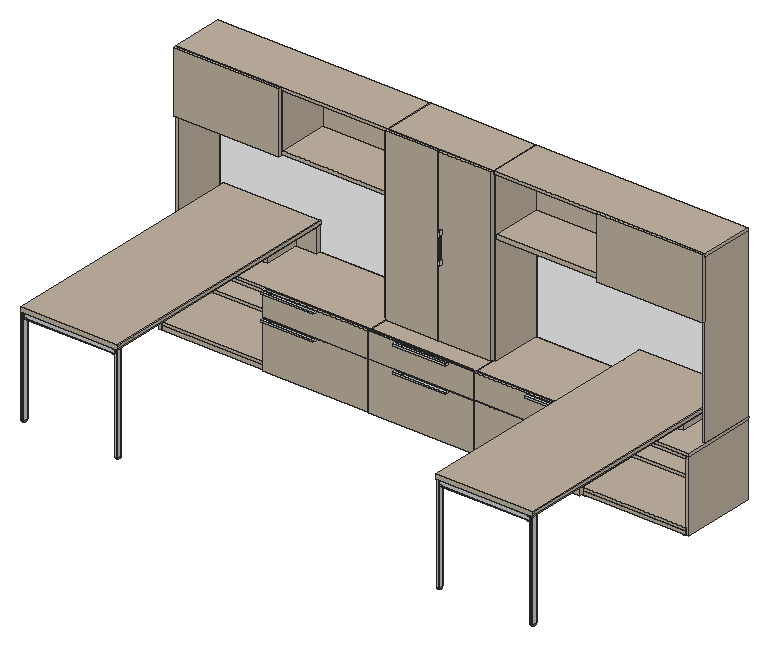
Revit family "FLT020", category Furniture, Revit 2015
Parameters
  Series = "Flux Laminate"
  Manufacturer = "JSI"
  Description = "FLT020"
Reference planes (in)
  plane 1 "Center Front/Back": y = 0
  plane 2: z = 0
  plane 3 "Center Left/Right": x = 0
Dimensions and locks (in)
  aligned and locked: level to plane 2
Nested families (in)
  nested 1: "JSI-Flux-Rec_Tbl_Desk-Leg_Asmbly-Sec_Sup" at (18.98949, -36.93913, 0.3125) x (0, -1, 0) z (0, 0, 1), type "FLT2872PDN, 72 x 28 Pen Tbl Desk Sec Sup, Laminate"
    with Width 6' - 0", Depth 2' - 3 1/2"
  nested 2: "JSI-Flux-Rec_Tbl_Desk-Leg_Asmbly-Sec_Sup" at (137.75853, -38.40308, 0.3125) x (0, -1, 0) z (0, 0, 1), type "FLT2872PDN, 72 x 28 Pen Tbl Desk Sec Sup, Laminate"
    with Width 6' - 0", Depth 2' - 3 1/2"
  nested 3: "JSI-Flux- 21H_File_Strg_Crdnz" at (36.09617, -10.75, 0), type "FLT2260-21F06, Lt File Opn Strg Crdnz, Laminate"
    with Width 5' - 0", R_Shocket Dist 1' - 0 1/32", R_Pull Dist 2' - 6 9/64", R1_Partition no, L_Socket Dist 1' - 0 1/32", Shelf Width 2' - 5 3/16", Partition Dist 2' - 4 7/16", L_Pull_Bottom no, L_Pull Dist 2' - 5 55/64", L_Pull no, L1_Partition no, F666 no, F06 yes, Ext_Shelf Width 2' - 5 15/16", Door Width 2' - 5 13/16", Door Dist 2' - 6 1/16", Door Array Dist 0' - 0", C_Pull_Bottom no, C_Pull Dist 2' - 6", C_Pull no, C_Doors no
  nested 4: "JSI-Flux- 21H_File_Strg_Crdnz" at (126.06413, -10.75, 0), type "FLT2260-21F60, Lt File Opn Strg Crdnz, Laminate"
    with Width 5' - 0", R_Shocket Dist 1' - 0 1/32", R_Pull_Bottom no, R_Pull Dist 2' - 6 9/64", R_Pull no, R2_Partition no, L_Socket Dist 1' - 0 1/32", Shelf Width 2' - 5 3/16", Shelf Dist. 2' - 6", Partition Dist 2' - 4 7/16", L_Pull Dist 2' - 5 55/64", L2_Partition no, F666 no, F60 yes, Ext_Shelf Width 2' - 5 15/16", Ext_Shelf yes, Door Width 2' - 5 13/16", Door Array Dist 0' - 0", C_Pull_Bottom no, C_Pull Dist 2' - 6", C_Pull no, C_Doors no
  nested 5: "JSI-Flux- 21H_File_Strg_Crdnz" at (96.06413, -10.75, 0), type "FLT2230-21F6, Lt File Pdst, Laminate"
    with Width 2' - 6", R_Shocket Dist 0' - 11 5/8", R_Pull_Bottom no, R_Pull Dist 0' - 0 13/64", R_Pull no, R2_Partition no, R1_Partition no, L_Socket Dist 0' - 11 5/8", Shelf Width 2' - 4 3/8", Partition Dist 2' - 3 5/8", L_Pull_Bottom no, L_Pull Dist 2' - 5 51/64", L_Pull no, L2_Partition no, L1_Partition no, Glide no, F666 no, F6 yes, F0 yes, Ext_Shelf Width 2' - 5 1/8", Door Width 2' - 5 3/4", Door Array Dist 0' - 0", C_Pull Dist 1' - 3", C_Doors no
  nested 6: "JSI-Flux-Sec_Ht_Strg_OH_Cab_Sldng_Dr" at (36.06413, -10.77445, -7.74595), type "FLT1660-48SD, Strg OH Cab, Sldng Dr, Laminate"
    with Width 4' - 11 7/8", Partition Distance_R 2' - 5 9/16", Partition Distance_L 2' - 5 9/16", Door Width 2' - 5 7/8", Door Array Dist 0' - 0", Door Adjust Width 1' - 2 7/8", Door Adjust 4
  nested 7: "JSI-Flux-Strg_Tower" at (96.06413, -10.75, -7.74642), type "FLT1630-48STD, 48"h Strg Tower, 2 Dr, Laminate"
    with WB_Shelf_Height 0' - 11 13/16", WB_Shelf_Dist 0' - 8 1/8", Top Width 2' - 5 7/8", Width 2' - 5 7/8", Shelf Width 2' - 4 3/8", Shelf Dist 0' - 11 13/16", Shelf Array Dist 0' - 11 13/16", Pull Height 2' - 0", Pull Distance 1' - 3 35/64", Part_R_Dist 2' - 5 1/8", L no, Height 4' - 0", Door Width 1' - 2 7/8", Door Array Dist 1' - 3", Back Width 2' - 4 3/8"
  nested 8: "JSI-Flux-Tckbrd_for_OH_Cab" at (36.56413, -10, -7.67512), type "FLB5930TK, Tackboard for OH Cab"
    with Width 4' - 11"
  nested 9: "JSI-Flux-Tckbrd_for_OH_Cab" at (113.43058, -10, -7.74184) x (-1, 0, 0) z (0, 0, 1), type "FLB5930TK, Tackboard for OH Cab"
    with Width 4' - 11"
  nested 10: "JSI-Flux-Sec_Ht_Strg_OH_Cab_Sldng_Dr" at (113.68587, -10.77445, -7.74595) x (-1, 0, 0) z (0, 0, 1), type "FLT1660-48SD, Strg OH Cab, Sldng Dr, Laminate"
    with Width 4' - 11 7/8", Partition Distance_R 2' - 5 9/16", Partition Distance_L 2' - 5 9/16", Door Width 2' - 5 7/8", Door Array Dist 0' - 0", Door Adjust Width 1' - 2 7/8", Door Adjust 4
Definition of nested family "JSI-Flux-Rec_Tbl_Desk-Leg_Asmbly-Sec_Sup"
  Parameters (values of type "Type Catalog Family -Table Desk Leg Asmbly - Sec Supp")
    Worksurface = none
    Width = 5' - 0"
    URL = "www.jsifurniture.com"
    Type Comments = ""
    Series = "FLUX"  # constant formula
    Sec Support Dst = 1' - 9"
    Model = "FLT3466PDN"
    Material = ""
    Manufacturer = "JSI"  # constant formula
    Keynote = "12500"
    JSI Enviromental Website = "http://www.jsifurniture.com/jsi_sustainability_intro.php"
    Height = 2' - 5"
    Glides = none
    Frame = none
    Description = "66 X 34 Rectangular Peninsula Table Desk with End Leg Assembly and Seccondary Support End"
    Depth = 2' - 9 1/2"
    Chassis = none
    Assembly Code = "E2020200"
  Reference planes (in)
    plane 1: z = 0
    plane 2 "Center (Left/Right)": x = -36.06413
    plane 3: z = 29
    plane 4: z = 27.8125
    plane 5 "Center (Front/Back)": y = 10.75
    plane 6: z = 0.3125
    plane 7: y = -22.75
    plane 8: x = 23.93587
    plane 9: z = 21
  Forms (in)
    Extrusion 1, solid, material <- "Chassis"
      sketch origin (84, 10.625, 0.3125) x (0, 1, 0) y (-1, 0, 0)
        loop
          line (0, 118.75163) -> (0, 119.93913) -> (-33.25, 119.93913) -> (-33.25, 118.75163) -> (-27.4375, 118.75163) -> (-27.4375, 108.75163) -> (-26.25, 108.75163) -> (-26.25, 118.75163) -> (-7, 118.75163) -> (-7, 108.75163) -> (-5.8125, 108.75163) -> (-5.8125, 118.75163) -> (0, 118.75163)
      from 20.6875 to 27.5
    Extrusion 2, solid, material <- "Frame"
      sketch origin (84, 10.625, 0.3125) x (0, 1, 0) y (-1, 0, 0)
        loop
          line (0, 60.25163) -> (0, 61.50163)
          arc (0, 61.50163) -> (-0.03661, 61.59002) -> (-0.125, 61.62663) r 0.125
          line (-0.125, 61.62663) -> (-0.625, 61.62663)
          arc (-0.625, 61.62663) -> (-0.71339, 61.59002) -> (-0.75, 61.50163) r 0.125
          line (-0.75, 61.50163) -> (-0.75, 60.25163)
          arc (-0.75, 60.25163) -> (-0.71339, 60.16325) -> (-0.625, 60.12663) r 0.125
          line (-0.625, 60.12663) -> (-0.125, 60.12663)
          arc (-0.125, 60.12663) -> (-0.03661, 60.16325) -> (0, 60.25163) r 0.125
        loop
          line (-32.5, 60.25163) -> (-32.5, 61.50163)
          arc (-32.5, 61.50163) -> (-32.53661, 61.59002) -> (-32.625, 61.62663) r 0.125
          line (-32.625, 61.62663) -> (-33.125, 61.62663)
          arc (-33.125, 61.62663) -> (-33.21339, 61.59002) -> (-33.25, 61.50163) r 0.125
          line (-33.25, 61.50163) -> (-33.25, 60.25163)
          arc (-33.25, 60.25163) -> (-33.21339, 60.16325) -> (-33.125, 60.12663) r 0.125
          line (-33.125, 60.12663) -> (-32.625, 60.12663)
          arc (-32.625, 60.12663) -> (-32.53661, 60.16325) -> (-32.5, 60.25163) r 0.125
      from 0 to 27.5
    Extrusion 3, solid, material <- "Worksurface"
      sketch origin (0, 0, 0) x (0, 1, 0) y (0, 0, 1)
        loop
          arc (10.625, 27.8125) -> (10.71339, 27.84911) -> (10.75, 27.9375) r 0.125
          line (10.75, 27.9375) -> (10.75, 28.875)
          arc (10.75, 28.875) -> (10.71339, 28.96339) -> (10.625, 29) r 0.125
          line (10.625, 29) -> (-22.625, 29)
          arc (-22.625, 29) -> (-22.71339, 28.96339) -> (-22.75, 28.875) r 0.125
          line (-22.75, 28.875) -> (-22.75, 27.9375)
          arc (-22.75, 27.9375) -> (-22.71339, 27.84911) -> (-22.625, 27.8125) r 0.125
          line (-22.625, 27.8125) -> (10.625, 27.8125)
      from -36.06413 to 23.93587
    Extrusion 4, solid, material <- "Frame"
      sketch origin (0, 0, 0) x (1, 0, 0) y (0, 0, 1)
        loop
          arc (23.24837, 27.8125) -> (23.15998, 27.77589) -> (23.12337, 27.6875) r 0.125
          line (23.12337, 27.6875) -> (23.12337, 26.4375)
          arc (23.12337, 26.4375) -> (23.15998, 26.34911) -> (23.24837, 26.3125) r 0.125
          line (23.24837, 26.3125) -> (23.74837, 26.3125)
          arc (23.74837, 26.3125) -> (23.83675, 26.34911) -> (23.87337, 26.4375) r 0.125
          line (23.87337, 26.4375) -> (23.87337, 27.6875)
          arc (23.87337, 27.6875) -> (23.83675, 27.77589) -> (23.74837, 27.8125) r 0.125
          line (23.74837, 27.8125) -> (23.24837, 27.8125)
      from -9.875 to 21.875
    Extrusion 5, solid, material <- "Glides"
      sketch origin (59, 0, 0) x (1, 0, 0) y (0, 1, 0)
        loop
          circle (-35.85735, 10.25072) r 0.55846
        loop
          circle (-35.85735, -22.25072) r 0.55846
      from 0 to 0.3125
  Lines and regions (in)
    symbolic lines
      curve 1: line (-36.06413, -22.75, 0) -> (23.93587, -22.75, 0)
      curve 2: line (-36.06413, 10.75, 0) -> (-36.06413, -22.75, 0)
      curve 3: line (23.93587, 10.75, 0) -> (-36.06413, 10.75, 0)
      curve 4: line (23.93587, -22.75, 0) -> (23.93587, 10.75, 0)
    symbolic lines, detail levels medium+fine
      curve 5: line (-35.93913, 10.625, 0) -> (-35.93913, -22.625, 0)
      curve 6: line (-34.75163, 10.625, 0) -> (-35.93913, 10.625, 0)
      curve 7: line (-34.75163, 4.8125, 0) -> (-34.75163, 10.625, 0)
      curve 8: line (-24.75163, 4.8125, 0) -> (-34.75163, 4.8125, 0)
      curve 9: line (-24.75163, 3.625, 0) -> (-24.75163, 4.8125, 0)
      curve 10: line (-34.75163, 3.625, 0) -> (-24.75163, 3.625, 0)
      curve 11: line (-34.75163, -15.625, 0) -> (-34.75163, 3.625, 0)
      curve 12: line (-24.75163, -15.625, 0) -> (-34.75163, -15.625, 0)
      curve 13: line (-24.75163, -16.8125, 0) -> (-24.75163, -15.625, 0)
      curve 14: line (-34.75163, -16.8125, 0) -> (-24.75163, -16.8125, 0)
      curve 15: line (-34.75163, -22.625, 0) -> (-34.75163, -16.8125, 0)
      curve 16: line (-35.93913, -22.625, 0) -> (-34.75163, -22.625, 0)
      curve 17: line (23.87337, 10.625, 0) -> (22.37337, 10.625, 0)
      curve 18: line (22.37337, 9.875, 0) -> (23.87337, 9.875, 0)
      curve 19: line (23.87337, 9.875, 0) -> (23.87337, 10.625, 0)
      curve 20: line (22.37337, 10.625, 0) -> (22.37337, 9.875, 0)
      curve 21: line (22.37337, -22.625, 0) -> (23.87337, -22.625, 0)
      curve 22: line (23.87337, -21.875, 0) -> (22.37337, -21.875, 0)
      curve 23: line (22.37337, -21.875, 0) -> (22.37337, -22.625, 0)
      curve 24: line (23.87337, -22.625, 0) -> (23.87337, -21.875, 0)
  Dimensions and locks (in)
    locked: plane 6 to level at 0.3125
    "Depth": plane 7 to plane 5 "Center (Front/Back)"
    locked: plane 3 to plane 4 at 1.1875
    plane 3 to level = 2' - 5"
    "Width": plane 2 "Center (Left/Right)" to plane 8
    Extrusion 2 sketch curve to Extrusion 2 sketch curve to plane 8 = 0' - 1 1/2" locked, 0' - 0 1/16" locked  (x2)
    Extrusion 2 sketch curve to Extrusion 2 sketch curve to plane 5 "Center (Front/Back)" = 0' - 0 3/4" locked, 0' - 0 1/8" locked
    Extrusion 2 sketch curve to Extrusion 2 sketch curve to plane 7 = 0' - 0 3/4" locked, 0' - 0 1/8" locked
    plane 2 "Center (Left/Right)" to Extrusion 1 sketch curve to Extrusion 1 sketch curve to Extrusion 1 sketch curve = 0' - 0 1/8" locked, 0' - 1 3/16" locked, 0' - 10" locked
    locked: Extrusion 1 sketch curve to plane 5 "Center (Front/Back)" at 0.125
    locked: plane 7 to Extrusion 1 sketch curve at 0.125
    plane 8 to Extrusion 4 sketch curve to Extrusion 4 sketch curve = 0' - 0 1/16" locked, 0' - 0 3/4" locked
    locked: plane 4 to Extrusion 4 sketch curve at 1.5
    locked: Extrusion 5 sketch curve to plane 8 at 0.79322  (x2)
    locked: Extrusion 5 sketch curve to plane 5 "Center (Front/Back)" at 0.49928
    locked: plane 7 to Extrusion 5 sketch curve at 0.49928
    "Sec Support Dst": plane 9 to plane 1
    aligned and locked: level to plane 1
    aligned and locked: plane 4 to Extrusion 1
    aligned and locked: plane 4 to Extrusion 2
    aligned and locked: Extrusion 2 to plane 6
    aligned and locked: Extrusion 3 sketch curve to plane 5 "Center (Front/Back)"
    aligned and locked: plane 3 to Extrusion 3 sketch curve
    aligned and locked: Extrusion 3 sketch curve to plane 4
    aligned and locked: plane 7 to Extrusion 3 sketch curve
    aligned and locked: Extrusion 3 to plane 2 "Center (Left/Right)"
    aligned and locked: plane 8 to Extrusion 3
    aligned and locked: Extrusion 1 sketch curve to Extrusion 1 sketch curve  (x3)
    aligned and locked: Extrusion 4 sketch curve to plane 4
    aligned and locked: Extrusion 4 to Extrusion 2  (x2)
    aligned and locked: curve 2 to plane 2 "Center (Left/Right)"
    aligned and locked: plane 8 to curve 4
    aligned and locked: curve 3 to plane 5 "Center (Front/Back)"
    aligned and locked: plane 7 to curve 1
    aligned and locked: curve 5 to Extrusion 1
    aligned and locked: curve 6 to Extrusion 1
    aligned and locked: curve 7 to Extrusion 1
    aligned and locked: curve 8 to Extrusion 1
    aligned and locked: curve 9 to Extrusion 1
    aligned and locked: curve 10 to Extrusion 1
    aligned and locked: curve 11 to Extrusion 1
    aligned and locked: curve 12 to Extrusion 1
    aligned and locked: curve 13 to Extrusion 1
    aligned and locked: curve 14 to Extrusion 1
    aligned and locked: curve 15 to Extrusion 1
    aligned and locked: curve 16 to Extrusion 1
    aligned and locked: curve 17 to Extrusion 2
    aligned and locked: curve 18 to Extrusion 2
    aligned and locked: curve 19 to Extrusion 2
    aligned and locked: curve 20 to Extrusion 2
    aligned and locked: curve 21 to Extrusion 2
    aligned and locked: curve 22 to Extrusion 2
    aligned and locked: curve 23 to Extrusion 2
    aligned and locked: curve 24 to Extrusion 2
    aligned and locked: Extrusion 1 to plane 9
  Automatic sketch dimensions
    Extrusion 1 sketch curve to plane 7 = 0' - 5 15/16"
    Extrusion 1 sketch curve to Extrusion 1 sketch curve = 0' - 1 3/16"  (x2)
    plane 5 "Center (Front/Back)" to Extrusion 1 sketch curve = 0' - 7 1/8"
    Extrusion 2 sketch curve to Extrusion 2 sketch curve = 0' - 0 1/8"  (x8)
    Extrusion 3 sketch curve to Extrusion 3 sketch curve = 0' - 0 1/8"  (x3)
    plane 4 to Extrusion 3 sketch curve = 0' - 0 1/8"
    Extrusion 4 sketch curve to Extrusion 4 sketch curve = 0' - 0 1/8"  (x4)
    radius of Extrusion 5 sketch curve = 0' - 0.55846"  (x2)
Definition of nested family "JSI-Flux- 21H_File_Strg_Crdnz"
  Parameters (values of type "Type Catalog - File Strg Crdnz")
    Worksurface = none
    Width = 8' - 0"
    URL = "www.jsifurniture.com"
    Type Comments = ""
    Top Doors = if(F909, 1 > 2, (if(F090, 1 > 2, (if(F09, 1 > 2, (if(F0, (if(F6, 2 > 1, 1 > 2)), 2 > 1)))))))  # yes
    TAG = if(F6, "BF", (if(F666, "BF - BF - BF", (if(F66, (if(F0, "Open", "BF - BF")), (if(F066, "Open - BF - BF", (if(F660, "BF - BF - Open", (if(F06, "Open - BF", (if(F60, "BF - Open", (if(F606, "BF - Open - BF", (if(F060, (if(F0, "Open", "Open - BF - Open")), (if(F909, "1 Door - Open - 1 Door", (if(F090, "Open - 1 Door - Open", (if(F09, (if(F0, "Open", "Open - 1 Door")), "Open")))))))))))))))))))))))  # "BF - BF - BF"
    R_Shocket Dist = if(F666, Width + 0' 1", (if(F066, Width + 0' 1", (if(F606, ((Width / 2) - 0' 3"), ((Partition Dist / 2) + 0' 0 13/16" - 0' 3"))))))  # 8' - 1"
    R_Pull_Bottom = if(F660, 1 > 2, (if(F60, 1 > 2, (if(F060, 1 > 2, (if(F909, 1 > 2, (if(F090, 1 > 2, (if(F09, 1 > 2, (if(F0, 1 > 2, 2 > 1)))))))))))))  # yes
    R_Pull Dist = if(F66, (Door Width + 0' 0 1/4" + 0' 0 5/64"), (if(F06, (Door Width + 0' 0 1/4" + 0' 0 5/64"), (Door Width + (Width - ((Door Width + 0' 0 1/8") * 2) + 0' 0 13/64")))))  # 5' - 3.61979"
    R_Pull = if(F660, 1 > 2, (if(F60, 1 > 2, (if(F060, 1 > 2, (if(F090, 1 > 2, (if(F0, 1 > 2, 2 > 1)))))))))  # yes
    R2_Partition = if(F660, 1 > 2, (if(F60, 1 > 2, (if(F09, 1 > 2, (if(Width < 3' 4", 1 > 2, 2 > 1)))))))  # yes
    R1_Partition = if(F06, 1 > 2, (if(F606, 1 > 2, (if(F060, 1 > 2, (if(F909, 1 > 2, (if(F090, 1 > 2, (if(Width < 3' 4", 1 > 2, 2 > 1)))))))))))  # yes
    L_Socket Dist = if(F666, Width + 0' 1", (if(F660, Width + 0' 1", (if(F606, ((Width / 2) - 0' 3"), ((Partition Dist / 2) + 0' 0 13/16" - 0' 3"))))))  # 8' - 1"
    Shelf Width = if(Width < 3' 6", Partition Dist + 0' 0 3/4", (if(F066, Partition Dist + 0' 0 3/4", (if(F660, Partition Dist + 0' 0 3/4", (if(F06, Partition Dist + 0' 0 3/4", (if(F60, Partition Dist + 0' 0 3/4", Partition Dist)))))))))  # 2' - 6.95833"
    Shelf Dist. = if(F660, ((Partition Dist * 2) + 0' 0 3/4" + 0' 0 13/16"), (if(F60, (Partition Dist + 0' 0 3/4" + 0' 0 13/16"), (if(F606, (Partition Dist + 0' 0 3/4" + 0' 0 13/16"), 0' 0 13/16")))))  # 0' - 0 13/16"
    Shelf Array Dist = if(F060, (if(F0, (if(Width > 3' 0", Shelf Width + 0' 0 3/4", 0' 0")), ((Shelf Width * 2) + 0' 1 1/2"))), (if(F909, Shelf Width + 0' 0 3/4", (if(F090, Shelf Width + 0' 0 3/4", 0' 0")))))  # 0' - 0"
    Partition Dist = if(Width > 6' 6", ((Width - 0' 1 5/8" - 0' 1 1/2") / 3), (if(Width > 3' 0", (((Width - 0' 1 5/8") / 2) - 0' 0 3/4"), (Width - 0' 0 3/4" - 0' 1 5/8"))))  # 2' - 6.95833"
    Shelf = none
    Series = "FLUX"  # constant formula
    Pull Finish = none
    Model = ""
    Manufacturer = "JSI"  # constant formula
    L_Pull_Bottom = if(F066, 1 > 2, (if(F06, 1 > 2, (if(F060, 1 > 2, (if(F909, 1 > 2, (if(F090, 1 > 2, (if(F09, 1 > 2, (if(F0, 1 > 2, 2 > 1)))))))))))))  # yes
    L_Pull Dist = Door Width + 0' 0 1/8" - 0' 0 5/64"  # 2' - 8.38021"
    L_Pull = if(F066, 1 > 2, (if(F06, 1 > 2, (if(F060, 1 > 2, (if(F090, 1 > 2, (if(F09, 1 > 2, (if(F0, 1 > 2, 2 > 1)))))))))))  # yes
    L2_Partition = if(F60, 1 > 2, (if(F606, 1 > 2, (if(F060, 1 > 2, (if(F909, 1 > 2, (if(F090, 1 > 2, (if(F09, 1 > 2, (if(Width < 3' 4", 1 > 2, 2 > 1)))))))))))))  # yes
    L1_Partition = if(F066, 1 > 2, (if(F06, 1 > 2, (if(Width < 3' 4", 1 > 2, 2 > 1)))))  # yes
    Keynote = "12500"
    JSI Enviromental Website = "http://www.jsifurniture.com/jsi_sustainability_intro.php"
    Height = 1' - 9 1/4"
    Glides = none
    Glide = if(Width > 3' 0", 2 > 1, 1 > 2)  # yes
    F909 = no
    F666 = yes
    F660 = no
    F66 = no
    F606 = no
    F60 = no
    F6 = no
    F090 = no
    F09 = no
    F066 = no
    F060 = no
    F06 = no
    F0 = no
    Ext_Shelf Width = Shelf Width + 0' 0 3/4"  # 2' - 7.70833"
    Ext_Shelf = if(F09, 2 > 1, (if(F60, 2 > 1, 1 > 2)))  # no
    Door Width = if(F09, Partition Dist + 0' 1 3/8" + 0' 0 3/4", (if(Width < 3' 6", (Width - 0' 0 1/4"), Partition Dist + 0' 1 3/8")))  # 2' - 8.33333"
    Door Height = if(F909, (Height - 0' 0 7/16" - 0' 0 1/8"), (if(F090, (Height - 0' 0 7/16" - 0' 0 1/8"), if(F09, (Height - 0' 0 7/16" - 0' 0 1/8"), 1' 1 9/16"))))  # 1' - 1 9/16"
    Door Dist = if(F066, ((Partition Dist * 2) + 0' 1 5/8"), (if(F06, (Partition Dist + 0' 1 5/8"), (if(F060, (Partition Dist + 0' 0 7/8"), (if(F090, (Partition Dist + 0' 0 7/8"), (if(F09, (Partition Dist + 0' 0 7/8"), 0' 0 1/8")))))))))  # 0' - 0 1/8"
    Door Array Dist = if(F606, (Door Width + Partition Dist + 0' 0 1/8"), (if(F909, (Door Width + Partition Dist + 0' 0 1/8"), (if(F666, (Door Width + Partition Dist + 0' 0 1/8"), (if(F66, (Door Width + 0' 0 1/8"), 0' 0")))))))  # 5' - 3.41667"
    Door = if(F0, (if(F6, 2 > 1, 1 > 2)), 2 > 1)  # yes
    C_Pull_Bottom = if(F666, 2 > 1, (if(F066, 2 > 1, (if(F660, 2 > 1, (if(F6, 2 > 1, (if(F060, (if(F0, 1 > 2, 2 > 1)), 1 > 2)))))))))  # yes
    C_Pull Dist = if(F066, Door Width + 0' 0 1/8" + 0' 7 55/128" + 0' 0 13/64", (if(F660, (Door Width + (Width - ((Door Width + 0' 0 1/8") * 2) - 0' 0 5/64" - 0' 7 55/128")), Width / 2)))  # 4' - 0"
    C_Pull = if(F666, 2 > 1, (if(F066, 2 > 1, (if(F660, 2 > 1, (if(F6, 2 > 1, (if(F090, 2 > 1, (if(F060, (if(F0, 1 > 2, 2 > 1)), 1 > 2)))))))))))  # yes
    C_Doors = if(F666, 2 > 1, (if(F066, 2 > 1, (if(F660, 2 > 1, 1 > 2)))))  # yes
    Back Panel = none
    Door Front = none
    Description = ""
    Depth = 1' - 10"
    Chassis = none
    Assembly Code = "E2020200"
    # of Shelf = if(F909, 3, (if(F090, 3, (if(F0, (if(Width > 6' 6", 3, 2)), 2)))))  # 2
    # of Doors = 2
  Reference planes (in)
    plane 1: z = 0
    plane 2 "Center (Left/Right)": x = -36.06413
    plane 3 "Center (Front/Back)": y = 10.75
    plane 4: x = 59.93587
    plane 5: x = -36.00163
    plane 6: y = 10.6875
    plane 7: x = 59.87337
    plane 8: x = 11.93587
    plane 9: y = 10.625
    plane 10: y = -11.25
    plane 11: y = -11.125
    plane 12: y = -10.375
    plane 13: y = 9.875
    plane 14: y = 8.6875
    plane 15: y = 6.5
    plane 16: y = 6
    plane 17: y = 5.875
    plane 18: y = -6.375
    plane 19: y = -8.125
    plane 20: z = 0.3125
    plane 21: z = 1.5
    plane 22: z = 2.25
    plane 23: z = 21.25
    plane 24: z = 20.5
    plane 25: z = 19.75
    plane 26: z = 17.75
    plane 27: z = 13.625
    plane 28: z = 14
    plane 29: z = 13.25
    plane 30: x = -4.2933
    plane 31: x = 28.16503
    plane 32: x = -3.5433
    plane 33: x = 27.41503
    plane 34: x = -35.25163
    plane 35: x = 59.12337
    plane 36: x = 9.93587
    plane 37: x = 13.93587
    plane 38: y = 8.4375
    plane 39: z = 16.125
    plane 40: x = 60.93587
    plane 41: x = 66.93587
    plane 42: x = 8.93587
    plane 43: x = 14.93587
    plane 44: y = 9.375
    plane 45: y = 6.875
    plane 46: z = 21.125
    plane 47: z = 0.4375
    plane 48: z = 14
    plane 49: x = -35.93913
    plane 50: x = 59.81087
    plane 51: x = -2.7933
    plane 52: x = 26.66503
    plane 53: x = -3.6058
    plane 54: x = -3.4808
    plane 55: x = 27.35253
    plane 56: x = 27.47753
    plane 57: x = -3.25163
    plane 58: x = 27.7067
    plane 59: x = 61.93587
    plane 60: x = 65.93587
    plane 61: x = -43.06413
    plane 62: x = -37.06413
    plane 63: x = -42.06413
    plane 64: x = -38.06413
    plane 65: x = -34.93913
    plane 66: x = 58.12337
    plane 67: y = -9.375
    plane 68: z = 20.92187
    plane 69: z = 13.79688
    plane 70: x = -3.68393
    plane 71: x = 11.93587
    plane 72: x = 27.55566
    plane 73: x = 11.93587
    plane 74: y = 0.15625
    plane 75: x = 11.93587
    plane 76: z = 0.3125
    plane 77: z = 14.125
    plane 78: x = -34.25163
  Forms (in)
    Extrusion 1, solid, material <- "Chassis"
      sketch origin (0, 0, 0) x (1, 0, 0) y (0, 1, 0)
        loop
          line (-36.00163, 10.6875) -> (-36.00163, -10.375) -> (-35.25163, -10.375) -> (-35.25163, 10.6875) -> (-36.00163, 10.6875)
      from 0.3125 to 20.5
    Extrusion 2, solid, material <- "Chassis"
      sketch origin (0, 0, 0) x (1, 0, 0) y (0, 1, 0)
        loop
          line (59.12337, 10.6875) -> (59.12337, -10.375) -> (59.87337, -10.375) -> (59.87337, 10.6875) -> (59.12337, 10.6875)
      from 0.3125 to 20.5
    Extrusion 3, solid, material <- "Worksurface"
      sketch origin (0, 0, 0) x (0, 1, 0) y (0, 0, 1)
        loop
          line (6, 19.75) -> (6, 20.5) -> (-10.375, 20.5) -> (-10.375, 19.75) -> (6, 19.75)
      from -35.25163 to 59.12337
    Extrusion 4, solid, material <- "Chassis"
      sketch origin (0, 0, 0) x (0, 1, 0) y (0, 0, 1)
        loop
          line (9.875, 2.25) -> (-10.375, 2.25) -> (-10.375, 1.5) -> (9.875, 1.5) -> (9.875, 2.25)
      from -35.25163 to 59.12337
    Extrusion 5, solid, material <- "Chassis", visible <- "L1_Partition"
      sketch origin (0, 0, 0) x (0, 1, 0) y (0, 0, 1)
        loop
          line (6.5, 19.75) -> (-10.375, 19.75) -> (-10.375, 2.25) -> (9.875, 2.25) -> (9.875, 17.75) -> (7, 17.75)
          arc (7, 17.75) -> (6.64645, 17.89645) -> (6.5, 18.25) r 0.5
          line (6.5, 18.25) -> (6.5, 19.75)
      from -4.2933 to -3.5433
    Extrusion 6, solid, material <- "Chassis", visible <- "R2_Partition"
      sketch origin (0, 0, 0) x (0, 1, 0) y (0, 0, 1)
        loop
          line (6.5, 19.75) -> (-10.375, 19.75) -> (-10.375, 2.25) -> (9.875, 2.25) -> (9.875, 17.75) -> (7, 17.75)
          arc (7, 17.75) -> (6.64645, 17.89645) -> (6.5, 18.25) r 0.5
          line (6.5, 18.25) -> (6.5, 19.75)
      from 27.41503 to 28.16503
    Extrusion 7, solid, material <- "Back Panel"
      sketch origin (0, 0, 0) x (0, 1, 0) y (0, 0, 1)
        loop
          line (8.6875, 20.5) -> (8.6875, 17.75) -> (9.875, 17.75) -> (9.875, 20.5) -> (8.6875, 20.5)
      from -35.25163 to 59.12337
    Extrusion 8, solid, material <- "Chassis"
      sketch origin (0, 0, 0) x (0, 1, 0) y (0, 0, 1)
        loop
          line (9.875, 1.5) -> (5.875, 1.5) -> (5.875, 0.3125) -> (9.875, 0.3125) -> (9.875, 1.5)
      from -35.25163 to 59.12337
    Extrusion 9, solid, material <- "Chassis"
      sketch origin (0, 0, 0) x (0, 1, 0) y (0, 0, 1)
        loop
          line (-6.375, 1.5) -> (-10.375, 1.5) -> (-10.375, 0.3125) -> (-6.375, 0.3125) -> (-6.375, 1.5)
      from -35.25163 to 59.12337
    Extrusion 10, solid, material <- "Shelf"
      sketch origin (-32, 0, -1.03125) x (1, 0, 0) y (0, 1, 0)
        loop
          line (27.7067, -8.125) -> (27.7067, 9.875) -> (-3.25163, 9.875) -> (-3.25163, -8.125) -> (27.7067, -8.125)
      from 14.28125 to 15.03125
    Extrusion 11, solid, material <- "Back Panel"
      sketch origin (0, 0, 0) x (1, 0, 0) y (0, 1, 0)
        loop
          line (59.12337, 10.625) -> (-35.25163, 10.625) -> (-35.25163, 9.875) -> (59.12337, 9.875) -> (59.12337, 10.625)
      from 0.3125 to 20.5
    Extrusion 12, solid, material <- "Chassis", visible <- "L2_Partition"
      sketch origin (0, 0, 0) x (0, 1, 0) y (0, 0, 1)
        loop
          line (6.5, 19.75) -> (-10.375, 19.75) -> (-10.375, 2.25) -> (9.875, 2.25) -> (9.875, 17.75) -> (7, 17.75)
          arc (7, 17.75) -> (6.64645, 17.89645) -> (6.5, 18.25) r 0.5
          line (6.5, 18.25) -> (6.5, 19.75)
      from -3.5433 to -2.7933
    Extrusion 13, solid, material <- "Chassis", visible <- "R1_Partition"
      sketch origin (0, 0, 0) x (0, 1, 0) y (0, 0, 1)
        loop
          line (6.5, 19.75) -> (-10.375, 19.75) -> (-10.375, 2.25) -> (9.875, 2.25) -> (9.875, 17.75) -> (7, 17.75)
          arc (7, 17.75) -> (6.64645, 17.89645) -> (6.5, 18.25) r 0.5
          line (6.5, 18.25) -> (6.5, 19.75)
      from 26.66503 to 27.41503
    Extrusion 14, void
      sketch origin (-1.5, 0, 0) x (1, 0, 0) y (0, 0, 1)
        loop
          line (62.43587, 15.125) -> (62.43587, 14.625)
          arc (62.43587, 14.625) -> (62.72876, 13.91789) -> (63.43587, 13.625) r 1
          line (63.43587, 13.625) -> (67.43587, 13.625)
          arc (67.43587, 13.625) -> (68.14297, 13.91789) -> (68.43587, 14.625) r 1
          line (68.43587, 14.625) -> (68.43587, 15.125)
          arc (68.43587, 15.125) -> (68.14297, 15.83211) -> (67.43587, 16.125) r 1
          line (67.43587, 16.125) -> (63.43587, 16.125)
          arc (63.43587, 16.125) -> (62.72876, 15.83211) -> (62.43587, 15.125) r 1
      from -10.75 to -9.875
    Extrusion 15, solid, material <- "Shelf"
      sketch origin (-32, 0, -1.03125) x (1, 0, 0) y (0, 1, 0)
        loop
          line (27.7067, -8.125) -> (27.7067, 9.875) -> (-3.25163, 9.875) -> (-3.25163, -8.125) -> (27.7067, -8.125)
      from 14.28125 to 15.03125
    Extrusion 16, void
      sketch origin (0, 0, 0) x (1, 0, 0) y (0, 1, 0)
        loop
          line (65.93587, 10.75) -> (61.93587, 10.75) -> (61.93587, 9.875)
          arc (61.93587, 9.875) -> (62.08231, 9.52145) -> (62.43587, 9.375) r 0.5
          line (62.43587, 9.375) -> (65.43587, 9.375)
          arc (65.43587, 9.375) -> (65.78942, 9.52145) -> (65.93587, 9.875) r 0.5
          line (65.93587, 9.875) -> (65.93587, 10.75)
      from 13.25 to 14
    Extrusion 17, void
      sketch origin (18, 0, 0) x (1, 0, 0) y (0, 1, 0)
        loop
          line (-56.06413, 10.75) -> (-60.06413, 10.75) -> (-60.06413, 9.875)
          arc (-60.06413, 9.875) -> (-59.91769, 9.52145) -> (-59.56413, 9.375) r 0.5
          line (-59.56413, 9.375) -> (-56.56413, 9.375)
          arc (-56.56413, 9.375) -> (-56.21058, 9.52145) -> (-56.06413, 9.875) r 0.5
          line (-56.06413, 9.875) -> (-56.06413, 10.75)
      from 13.25 to 14
    Extrusion 18, void
      sketch origin (0, 0, 0) x (1, 0, 0) y (0, 0, 1)
        loop
          arc (-42.06413, 16.125) -> (-42.77124, 15.83211) -> (-43.06413, 15.125) r 1
          line (-43.06413, 15.125) -> (-43.06413, 14.625)
          arc (-43.06413, 14.625) -> (-42.77124, 13.91789) -> (-42.06413, 13.625) r 1
          line (-42.06413, 13.625) -> (-38.06413, 13.625)
          arc (-38.06413, 13.625) -> (-37.35703, 13.91789) -> (-37.06413, 14.625) r 1
          line (-37.06413, 14.625) -> (-37.06413, 15.125)
          arc (-37.06413, 15.125) -> (-37.35703, 15.83211) -> (-38.06413, 16.125) r 1
          line (-38.06413, 16.125) -> (-42.06413, 16.125)
      from -10.75 to -9.875
    Extrusion 19, solid, material <- "Door Front", visible <- "C_Doors"
      sketch origin (0, 0, 0) x (1, 0, 0) y (0, 1, 0)
        loop
          line (-3.4808, -10.375) -> (-3.4808, -11.125) -> (27.35253, -11.125) -> (27.35253, -10.375) -> (-3.4808, -10.375)
      from 0.4375 to 14
    Extrusion 20, solid, material <- "Door Front", visible <- "C_Doors"
      sketch origin (0, 0, 0) x (1, 0, 0) y (0, 1, 0)
        loop
          line (-3.4808, -10.375) -> (-3.4808, -11.125) -> (27.35253, -11.125) -> (27.35253, -10.375) -> (-3.4808, -10.375)
      from 14.125 to 21.125
    Extrusion 21, solid, material <- "Door Front", visible <- "Door"
      sketch origin (0, 0, 0) x (1, 0, 0) y (0, 0, 1)
        loop
          line (-35.93913, 14) -> (-35.93913, 0.4375) -> (-3.6058, 0.4375) -> (-3.6058, 14) -> (-35.93913, 14)
      from 10.375 to 11.125
    Extrusion 22, solid, material <- "Door Front", visible <- "Top Doors"
      sketch origin (0, 0, -6.5625) x (1, 0, 0) y (0, 0, 1)
        loop
          line (-35.93913, 27.6875) -> (-35.93913, 20.6875) -> (-3.6058, 20.6875) -> (-3.6058, 27.6875) -> (-35.93913, 27.6875)
      from 10.375 to 11.125
    Extrusion 23, solid, material <- "Door Front", visible <- "Door"
      sketch origin (63.41667, 0, 0) x (1, 0, 0) y (0, 0, 1)
        loop
          line (-35.93913, 14) -> (-35.93913, 0.4375) -> (-3.6058, 0.4375) -> (-3.6058, 14) -> (-35.93913, 14)
      from 10.375 to 11.125
    Extrusion 24, solid, material <- "Door Front", visible <- "Top Doors"
      sketch origin (63.41667, 0, -6.5625) x (1, 0, 0) y (0, 0, 1)
        loop
          line (-35.93913, 27.6875) -> (-35.93913, 20.6875) -> (-3.6058, 20.6875) -> (-3.6058, 27.6875) -> (-35.93913, 27.6875)
      from 10.375 to 11.125
    Extrusion 25, solid, material <- "Worksurface"
      sketch origin (0, 0, 0) x (0, 1, 0) y (0, 0, 1)
        loop
          line (10.75, 21.25) -> (-10.375, 21.25) -> (-10.375, 20.5) -> (10.75, 20.5) -> (10.75, 21.25)
      from -36.06413 to 59.93587
    Extrusion 26, solid, material <- "Shelf", visible <- "Ext_Shelf"
      sketch origin (0, 0, 0) x (1, 0, 0) y (0, 1, 0)
        loop
          line (59.12337, 9.875) -> (27.41503, 9.875) -> (27.41503, -8.125) -> (59.12337, -8.125) -> (59.12337, 9.875)
      from 13.25 to 14
    Extrusion 27, solid, material <- "Glides"
      sketch origin (0, 0, 0) x (1, 0, 0) y (0, 1, 0)
        loop
          circle (-34.25163, 8.6875) r 0.5
      from 0 to 0.3125
    Extrusion 28, solid, material <- "Glides", visible <- "Glide"
      sketch origin (0, 0, 0) x (1, 0, 0) y (0, 1, 0)
        loop
          circle (-3.5433, 8.6875) r 0.5
      from 0 to 0.3125
    Extrusion 29, solid, material <- "Glides", visible <- "Glide"
      sketch origin (0, 0, 0) x (1, 0, 0) y (0, 1, 0)
        loop
          circle (27.47753, 8.6875) r 0.5
      from 0 to 0.3125
    Extrusion 30, solid, material <- "Glides"
      sketch origin (0, 0, 0) x (1, 0, 0) y (0, 1, 0)
        loop
          circle (58.12337, 8.6875) r 0.5
      from 0 to 0.3125
    Extrusion 31, solid, material <- "Glides"
      sketch origin (0, 0, 0) x (1, 0, 0) y (0, 1, 0)
        loop
          circle (-34.25163, -9.375) r 0.5
      from 0 to 0.3125
    Extrusion 32, solid, material <- "Glides", visible <- "Glide"
      sketch origin (0, 0, 0) x (1, 0, 0) y (0, 1, 0)
        loop
          circle (-3.5433, -9.375) r 0.5
      from 0 to 0.3125
    Extrusion 33, solid, material <- "Glides", visible <- "Glide"
      sketch origin (0, 0, 0) x (1, 0, 0) y (0, 1, 0)
        loop
          circle (27.47753, -9.375) r 0.5
      from 0 to 0.3125
    Extrusion 34, solid, material <- "Glides"
      sketch origin (0, 0, 0) x (1, 0, 0) y (0, 1, 0)
        loop
          circle (58.12337, -9.375) r 0.5
      from 0 to 0.3125
  Cuts and joins
    Extrusion 14, Extrusion 18 cuts Extrusion 11
    Extrusion 16, Extrusion 17 cuts Extrusion 10
    Extrusion 16, Extrusion 17 cuts Extrusion 15
  Lines and regions (in)
    symbolic lines
      curve 1: line (59.93587, 10.75, 0) -> (-36.06413, 10.75, 0)
      curve 2: line (-36.06413, 10.75, 0) -> (-36.06413, -11.25, 0)
      curve 3: line (59.93587, -11.25, 0) -> (-36.06413, -11.25, 0)
      curve 4: line (59.93587, 10.75, 0) -> (59.93587, -11.25, 0)
    symbolic lines, detail levels medium+fine
      curve 5: line (-36.00163, 10.6875, 0) -> (-36.00163, -10.375, 0)
      curve 6: line (-35.25163, 10.6875, 0) -> (-36.00163, 10.6875, 0)
      curve 7: line (-35.25163, 10.6875, 0) -> (-35.25163, -10.375, 0)
      curve 8: line (-35.25163, -10.375, 0) -> (-36.00163, -10.375, 0)
      curve 9: line (59.12337, 10.6875, 0) -> (59.12337, -10.375, 0)
      curve 10: line (59.87337, 10.6875, 0) -> (59.87337, -10.375, 0)
      curve 11: line (59.87337, 10.6875, 0) -> (59.12337, 10.6875, 0)
      curve 12: line (59.12337, 10.625, 0) -> (-35.25163, 10.625, 0)
      curve 13: line (59.12337, 9.875, 0) -> (-35.25163, 9.875, 0)
      curve 30: line (59.87337, -10.375, 0) -> (59.12337, -10.375, 0)
    symbolic lines, visible <- "L1_Partition", detail levels medium+fine
      curve 14: line (-4.2933, 9.875, 0) -> (-4.2933, -10.375, 0)
      curve 15: line (-3.5433, 9.875, 0) -> (-3.5433, -10.375, 0)
      curve 16: line (-3.5433, 9.875, 0) -> (-4.2933, 9.875, 0)
      curve 17: line (-3.5433, -10.375, 0) -> (-4.2933, -10.375, 0)
    symbolic lines, visible <- "L2_Partition", detail levels medium+fine
      curve 18: line (-3.5433, 9.875, 0) -> (-3.5433, -10.375, 0)
      curve 19: line (-2.7933, 9.875, 0) -> (-2.7933, -10.375, 0)
      curve 20: line (-2.7933, 9.875, 0) -> (-3.5433, 9.875, 0)
      curve 21: line (-2.7933, -10.375, 0) -> (-3.5433, -10.375, 0)
    symbolic lines, visible <- "R1_Partition", detail levels medium+fine
      curve 22: line (26.66503, 9.875, 0) -> (26.66503, -10.375, 0)
      curve 23: line (27.41503, 9.875, 0) -> (27.41503, -10.375, 0)
      curve 24: line (27.41503, 9.875, 0) -> (26.66503, 9.875, 0)
      curve 25: line (27.41503, -10.375, 0) -> (26.66503, -10.375, 0)
    symbolic lines, visible <- "R2_Partition", detail levels medium+fine
      curve 26: line (27.41503, 9.875, 0) -> (27.41503, -10.375, 0)
      curve 27: line (28.16503, 9.875, 0) -> (28.16503, -10.375, 0)
      curve 28: line (28.16503, -10.375, 0) -> (27.41503, -10.375, 0)
      curve 29: line (28.16503, 9.875, 0) -> (27.41503, 9.875, 0)
  Dimensions and locks (in)
    plane 2 "Center (Left/Right)" to plane 5 to plane 49 = 0' - 0 1/16" locked, 0' - 0 1/16" locked
    plane 50 to plane 7 to plane 4 = 0' - 0 1/16" locked, 0' - 0 1/16" locked
    "Width": plane 2 "Center (Left/Right)" to plane 4
    equal spacing: plane 2 "Center (Left/Right)", plane 8, plane 4
    plane 14 to plane 13 to plane 9 to plane 6 to plane 3 "Center (Front/Back)" = 0' - 1 3/16" locked, 0' - 0 3/4" locked, 0' - 0 1/16" locked, 0' - 0 1/16" locked
    "Depth": plane 10 to plane 3 "Center (Front/Back)"
    plane 10 to plane 11 to plane 12 = 0' - 0 1/8" locked, 0' - 0 3/4" locked
    plane 16 to plane 15 to plane 13 = 0' - 0 1/2" locked, 0' - 3 3/8" locked
    locked: plane 17 to plane 13 at 4
    locked: plane 12 to plane 18 at 4
    locked: plane 12 to plane 19 at 2.25
    locked: plane 23 to plane 24 at 0.75
    plane 24 to plane 25 to plane 26 = 0' - 0 3/4" locked, 0' - 2" locked
    locked: plane 22 to plane 21 at 0.75
    locked: plane 28 to plane 29 at 0.75
    plane 30 to plane 32 to plane 51 = 0' - 0 3/4" locked, 0' - 0 3/4" locked
    plane 52 to plane 33 to plane 31 = 0' - 0 3/4" locked, 0' - 0 3/4" locked
    locked: plane 5 to plane 34 at 0.75
    locked: plane 35 to plane 7 at 0.75
    locked: plane 36 to plane 37 at 4
    equal spacing: plane 36, plane 8, plane 37
    locked: plane 38 to plane 13 at 1.4375
    locked: plane 39 to plane 27 at 2.5
    locked: plane 40 to plane 41 at 6
    locked: plane 42 to plane 43 at 6
    equal spacing: plane 42, plane 8, plane 43
    plane 45 to plane 44 to plane 13 = 0' - 2 1/2" locked, 0' - 0 1/2" locked
    locked: plane 47 to plane 20 at 0.125
    locked: plane 48 to plane 47 at 13.5625
    plane 53 to plane 32 to plane 54 = 0' - 0 1/16" locked, 0' - 0 1/16" locked
    plane 55 to plane 33 to plane 56 = 0' - 0 1/16" locked, 0' - 0 1/16" locked
    "Partition Dist": plane 34 to plane 30
    "Partition Dist": plane 31 to plane 35
    Extrusion 14 sketch curve to Extrusion 14 sketch curve = 0' - 6"
    "Shelf Width": plane 57 to plane 58
    group 1 to group 2 = 0' - 0"  (x3)
    "Shelf Array Dist": Extrusion 10 to Extrusion 15
    "Shelf Dist.": plane 2 "Center (Left/Right)" to Extrusion 10
    locked: plane 40 to plane 59 at 1
    locked: plane 60 to plane 41 at 1
    locked: plane 61 to plane 62 at 6
    locked: plane 61 to plane 63 at 1
    locked: plane 64 to plane 62 at 1
    "L_Socket Dist": plane 2 "Center (Left/Right)" to plane 40
    "R_Shocket Dist": plane 62 to plane 4
    "Shelf Width": Extrusion 10 sketch curve to Extrusion 10 sketch curve
    "Shelf Width": Extrusion 15 sketch curve to Extrusion 15 sketch curve
    "Door Height": Extrusion 21 sketch curve to Extrusion 21 sketch curve
    "Door Width": Extrusion 21 sketch curve to Extrusion 21 sketch curve
    "Door Width": Extrusion 22 sketch curve to Extrusion 22 sketch curve
    "Door Height": Extrusion 23 sketch curve to Extrusion 23 sketch curve
    "Door Width": Extrusion 23 sketch curve to Extrusion 23 sketch curve
    group 3 to group 4 = 5' - 3.41667"
    group 3 to group 4 = 0' - 0"  (x2)
    "Door Array Dist": Extrusion 21 to Extrusion 23
    "Door Dist": Extrusion 21 to plane 2 "Center (Left/Right)"
    "Door Width": Extrusion 24 sketch curve to Extrusion 24 sketch curve
    group 5 to group 6 = 5' - 3.41667"
    group 5 to group 6 = 0' - 0"  (x2)
    "Door Array Dist": Extrusion 22 to Extrusion 24
    "Door Dist": Extrusion 22 to plane 2 "Center (Left/Right)"
    locked: plane 49 to plane 65 at 1
    locked: plane 66 to plane 35 at 1
    locked: plane 12 to plane 67 at 1
    locked: plane 48 to plane 69 at 0.20312
    locked: plane 46 to plane 68 at 0.20313
    "L_Pull Dist": plane 2 "Center (Left/Right)" to plane 70
    "C_Pull Dist": plane 2 "Center (Left/Right)" to plane 71
    "R_Pull Dist": plane 2 "Center (Left/Right)" to plane 72
    equal spacing: plane 2 "Center (Left/Right)", plane 73, plane 4
    equal spacing: plane 12, plane 74, plane 6
    equal spacing: plane 2 "Center (Left/Right)", plane 75, plane 4
    locked: plane 21 to plane 20 at 1.1875
    "Ext_Shelf Width": Extrusion 26 sketch curve to Extrusion 26 sketch curve
    locked: plane 76 to plane 1 at 0.3125
    locked: plane 23 to plane 46 at 0.125
    locked: plane 46 to plane 77 at 7
    locked: plane 26 to plane 39 at 1.625
    "Height": plane 23 to plane 1
    locked: plane 34 to plane 78 at 1
    radius of Extrusion 27 sketch curve = 0' - 0 1/2"
    radius of Extrusion 28 sketch curve = 0' - 0 1/2"
    radius of Extrusion 29 sketch curve = 0' - 0 1/2"
    radius of Extrusion 30 sketch curve = 0' - 0 1/2"
    radius of Extrusion 31 sketch curve = 0' - 0 1/2"
    radius of Extrusion 32 sketch curve = 0' - 0 1/2"
    radius of Extrusion 33 sketch curve = 0' - 0 1/2"
    radius of Extrusion 34 sketch curve = 0' - 0 1/2"
    aligned and locked: level to plane 1
    aligned and locked: Extrusion 1 sketch curve to plane 5
    aligned and locked: Extrusion 1 sketch curve to plane 6
    aligned and locked: Extrusion 1 sketch curve to plane 34
    aligned and locked: Extrusion 1 sketch curve to plane 12
    aligned and locked: Extrusion 2 sketch curve to plane 35
    aligned and locked: Extrusion 2 sketch curve to plane 7
    aligned and locked: Extrusion 2 sketch curve to plane 6
    aligned and locked: Extrusion 2 sketch curve to plane 12
    aligned and locked: plane 24 to Extrusion 1
    aligned and locked: Extrusion 1 to plane 20
    aligned and locked: plane 24 to Extrusion 2
    aligned and locked: Extrusion 2 to plane 20
    aligned and locked: plane 25 to Extrusion 3 sketch curve
    aligned and locked: plane 24 to Extrusion 3 sketch curve
    aligned and locked: plane 16 to Extrusion 3 sketch curve
    aligned and locked: plane 12 to Extrusion 3 sketch curve
    aligned and locked: Extrusion 3 to plane 34
    aligned and locked: plane 35 to Extrusion 3
    aligned and locked: plane 22 to Extrusion 4 sketch curve
    aligned and locked: plane 21 to Extrusion 4 sketch curve
    aligned and locked: plane 13 to Extrusion 4 sketch curve
    aligned and locked: plane 12 to Extrusion 4 sketch curve
    aligned and locked: Extrusion 4 to plane 34
    aligned and locked: plane 35 to Extrusion 4
    aligned and locked: plane 25 to Extrusion 5 sketch curve
    aligned and locked: plane 15 to Extrusion 5 sketch curve
    aligned and locked: plane 26 to Extrusion 5 sketch curve
    aligned and locked: plane 13 to Extrusion 5 sketch curve
    aligned and locked: plane 22 to Extrusion 5 sketch curve
    aligned and locked: plane 12 to Extrusion 5 sketch curve
    aligned and locked: Extrusion 5 to plane 30
    aligned and locked: plane 32 to Extrusion 5
    aligned and locked: plane 25 to Extrusion 6 sketch curve
    aligned and locked: plane 12 to Extrusion 6 sketch curve
    aligned and locked: plane 15 to Extrusion 6 sketch curve
    aligned and locked: plane 26 to Extrusion 6 sketch curve
    aligned and locked: plane 13 to Extrusion 6 sketch curve
    aligned and locked: plane 22 to Extrusion 6 sketch curve
    aligned and locked: plane 31 to Extrusion 6
    aligned and locked: Extrusion 6 to plane 33
    aligned and locked: plane 14 to Extrusion 7 sketch curve
    aligned and locked: plane 13 to Extrusion 7 sketch curve
    aligned and locked: plane 24 to Extrusion 7 sketch curve
    aligned and locked: plane 26 to Extrusion 7 sketch curve
    aligned and locked: Extrusion 7 to plane 34
    aligned and locked: plane 35 to Extrusion 7
    aligned and locked: plane 13 to Extrusion 8 sketch curve
    aligned and locked: plane 17 to Extrusion 8 sketch curve
    aligned and locked: plane 20 to Extrusion 8 sketch curve
    aligned and locked: plane 21 to Extrusion 8 sketch curve
    aligned and locked: plane 18 to Extrusion 9 sketch curve
    aligned and locked: plane 12 to Extrusion 9 sketch curve
    aligned and locked: plane 21 to Extrusion 9 sketch curve
    aligned and locked: plane 20 to Extrusion 9 sketch curve
    aligned and locked: Extrusion 8 to plane 34
    aligned and locked: Extrusion 9 to plane 34
    aligned and locked: plane 35 to Extrusion 8
    aligned and locked: plane 35 to Extrusion 9
    aligned and locked: plane 28 to Extrusion 10
    aligned and locked: Extrusion 11 sketch curve to plane 9
    aligned and locked: Extrusion 11 sketch curve to plane 13
    aligned and locked: Extrusion 11 sketch curve to plane 34
    aligned and locked: Extrusion 11 sketch curve to plane 35
    aligned and locked: Extrusion 11 to plane 20
    aligned and locked: plane 24 to Extrusion 11
    aligned and locked: plane 25 to Extrusion 12 sketch curve
    aligned and locked: plane 12 to Extrusion 12 sketch curve
    aligned and locked: plane 13 to Extrusion 12 sketch curve
    aligned and locked: plane 22 to Extrusion 12 sketch curve
    aligned and locked: plane 15 to Extrusion 12 sketch curve
    aligned and locked: plane 26 to Extrusion 12 sketch curve
    aligned and locked: Extrusion 12 to plane 32
    aligned and locked: plane 51 to Extrusion 12
    aligned and locked: plane 25 to Extrusion 13 sketch curve
    aligned and locked: plane 12 to Extrusion 13 sketch curve
    aligned and locked: plane 13 to Extrusion 13 sketch curve
    aligned and locked: plane 22 to Extrusion 13 sketch curve
    aligned and locked: plane 15 to Extrusion 13 sketch curve
    aligned and locked: plane 26 to Extrusion 13 sketch curve
    aligned and locked: plane 33 to Extrusion 13
    aligned and locked: Extrusion 13 to plane 52
    aligned and locked: Extrusion 14 to plane 3 "Center (Front/Back)"
    aligned and locked: plane 13 to Extrusion 14
    aligned and locked: cut or joined group of Extrusion 11, Extrusion 14, Extrusion 18 to plane 40
    aligned and locked: plane 41 to cut or joined group of Extrusion 11, Extrusion 14, Extrusion 18
    aligned and locked: Extrusion 16 sketch curve to plane 3 "Center (Front/Back)"
    aligned and locked: Extrusion 16 sketch curve to plane 44
    aligned and locked: Extrusion 16 sketch curve to plane 59
    aligned and locked: Extrusion 16 sketch curve to plane 60
    aligned and locked: plane 28 to Extrusion 16
    aligned and locked: Extrusion 16 to plane 29
    aligned and locked: Extrusion 17 sketch curve to plane 63
    aligned and locked: Extrusion 17 sketch curve to plane 64
    aligned and locked: Extrusion 17 sketch curve to plane 3 "Center (Front/Back)"
    aligned and locked: Extrusion 17 sketch curve to plane 44
    aligned and locked: Extrusion 18 sketch curve to plane 39
    aligned and locked: Extrusion 18 sketch curve to plane 27
    aligned and locked: Extrusion 18 sketch curve to plane 61
    aligned and locked: Extrusion 18 sketch curve to plane 62
    aligned and locked: Extrusion 18 to plane 3 "Center (Front/Back)"
    aligned and locked: plane 13 to Extrusion 18
    aligned and locked: Extrusion 19 sketch curve to plane 54
    aligned and locked: Extrusion 19 sketch curve to plane 55
    aligned and locked: Extrusion 19 sketch curve to plane 12
    aligned and locked: Extrusion 19 sketch curve to plane 11
    aligned and locked: Extrusion 20 sketch curve to plane 54
    aligned and locked: Extrusion 20 sketch curve to plane 55
    aligned and locked: Extrusion 20 sketch curve to plane 12
    aligned and locked: Extrusion 20 sketch curve to plane 11
    aligned and locked: plane 46 to Extrusion 20
    aligned and locked: Extrusion 19 to plane 47
    aligned and locked: Extrusion 22 to plane 12
    aligned and locked: Extrusion 21 to plane 12
    aligned and locked: plane 11 to Extrusion 22
    aligned and locked: plane 11 to Extrusion 21
    aligned and locked: plane 46 to Extrusion 22
    aligned and locked: plane 46 to Extrusion 24
    aligned and locked: Extrusion 21 to plane 47  (x3)
    aligned and locked: plane 3 "Center (Front/Back)" to Extrusion 25 sketch curve
    aligned and locked: plane 23 to Extrusion 25 sketch curve
    aligned and locked: plane 24 to Extrusion 25 sketch curve
    aligned and locked: Extrusion 25 to plane 2 "Center (Left/Right)"
    aligned and locked: plane 4 to Extrusion 25
    aligned and locked: curve 1 to plane 3 "Center (Front/Back)"
    aligned and locked: curve 2 to plane 2 "Center (Left/Right)"
    aligned and locked: curve 3 to plane 10
    aligned and locked: curve 4 to plane 4
    aligned and locked: plane 68 to nested 1
    aligned and locked: plane 70 to nested 1
    aligned and locked: plane 69 to nested 2
    aligned and locked: plane 70 to nested 2
    aligned and locked: plane 71 to nested 3
    aligned and locked: plane 71 to nested 4
    aligned and locked: plane 69 to nested 4
    aligned and locked: plane 68 to nested 3
    aligned and locked: nested 5 to plane 72
    aligned and locked: nested 6 to plane 72
    aligned and locked: plane 69 to nested 6
    aligned and locked: plane 68 to nested 5
    aligned and locked: plane 11 to nested 1
    aligned and locked: plane 11 to nested 3
    aligned and locked: plane 11 to nested 5
    aligned and locked: plane 11 to nested 2
    aligned and locked: plane 11 to nested 4
    aligned and locked: plane 11 to nested 6
    aligned and locked: plane 10 to nested 7
    aligned and locked: plane 73 to nested 7
    aligned and locked: curve 5 to plane 5
    aligned and locked: curve 6 to plane 6
    aligned and locked: curve 7 to plane 34
    aligned and locked: curve 8 to plane 12
    aligned and locked: curve 9 to plane 35
    aligned and locked: curve 10 to plane 7
    aligned and locked: curve 11 to plane 6
    aligned and locked: plane 34 to curve 12
    aligned and locked: plane 35 to curve 12
    aligned and locked: plane 35 to curve 13
    aligned and locked: curve 14 to plane 30
    aligned and locked: curve 15 to plane 32
    aligned and locked: curve 16 to plane 13
    aligned and locked: curve 17 to plane 12
    aligned and locked: curve 19 to plane 51
    aligned and locked: curve 20 to plane 13
    aligned and locked: curve 21 to plane 12
    aligned and locked: curve 22 to plane 52
    aligned and locked: curve 24 to plane 13
    aligned and locked: curve 25 to plane 12
    aligned and locked: curve 26 to plane 33
    aligned and locked: curve 27 to plane 31
    aligned and locked: curve 28 to plane 12
    aligned and locked: curve 29 to plane 13
    aligned and locked: plane 48 to Extrusion 19
    aligned and locked: Extrusion 23 to plane 47  (x2)
    aligned and locked: plane 28 to Extrusion 15
    aligned and locked: plane 28 to plane 48
    aligned and locked: plane 28 to Extrusion 17
    aligned and locked: Extrusion 17 to plane 29
    aligned and locked: Extrusion 26 sketch curve to plane 13
    aligned and locked: Extrusion 26 sketch curve to plane 35
    aligned and locked: Extrusion 26 sketch curve to plane 19
    aligned and locked: plane 48 to Extrusion 26
    aligned and locked: Extrusion 26 to plane 29
    aligned and locked: Extrusion 22 to plane 77
    aligned and locked: Extrusion 20 to plane 77
    aligned and locked: plane 12 to Extrusion 25 sketch curve
    aligned and locked: Extrusion 27 to plane 1
    aligned and locked: Extrusion 31 to plane 1
    aligned and locked: plane 76 to Extrusion 27
    aligned and locked: plane 76 to Extrusion 31
    aligned and locked: Extrusion 28 to plane 1
    aligned and locked: Extrusion 32 to plane 1
    aligned and locked: plane 76 to Extrusion 28
    aligned and locked: plane 76 to Extrusion 32
    aligned and locked: Extrusion 29 to plane 1
    aligned and locked: Extrusion 33 to plane 1
    aligned and locked: plane 76 to Extrusion 29
    aligned and locked: plane 76 to Extrusion 33
    aligned and locked: plane 1 to Extrusion 30
    aligned and locked: plane 1 to Extrusion 34
    aligned and locked: plane 20 to Extrusion 30
    aligned and locked: plane 20 to Extrusion 34
    aligned and locked: curve 30 to plane 12
  Automatic sketch dimensions
    Extrusion 5 sketch curve to plane 45 = 0' - 0 1/8"
    Extrusion 6 sketch curve to plane 45 = 0' - 0 1/8"
    Extrusion 12 sketch curve to plane 45 = 0' - 0 1/8"
    Extrusion 13 sketch curve to plane 45 = 0' - 0 1/8"
    plane 13 to Extrusion 16 sketch curve = 0' - 0"  (x2)
    plane 13 to Extrusion 17 sketch curve = 0' - 0"  (x2)
    Extrusion 18 sketch curve to plane 63 = 0' - 0"  (x2)
    Extrusion 18 sketch curve to plane 64 = 0' - 0"  (x2)
    Extrusion 14 sketch curve to plane 40 = 0' - 0"
    Extrusion 14 sketch curve to plane 27 = 0' - 0"
    Extrusion 14 sketch curve to plane 59 = 0' - 0"  (x2)
    Extrusion 14 sketch curve to plane 39 = 0' - 0"
    Extrusion 14 sketch curve to plane 60 = 0' - 0"  (x2)
    Extrusion 10 sketch curve to Extrusion 10 sketch curve = 1' - 6"
    Extrusion 15 sketch curve to Extrusion 15 sketch curve = 1' - 6"
    plane 13 to curve 13 = 0' - 0"
    plane 9 to curve 12 = 0' - 0"
    Extrusion 22 sketch curve to Extrusion 22 sketch curve = 0' - 7"
    Extrusion 24 sketch curve to Extrusion 24 sketch curve = 0' - 7"
    plane 14 to Extrusion 27 sketch curve = 0' - 0"
    Extrusion 27 sketch curve to plane 78 = 0' - 0"
    plane 14 to Extrusion 28 sketch curve = 0' - 0"
    Extrusion 28 sketch curve to plane 32 = 0' - 0"
    plane 14 to Extrusion 29 sketch curve = 0' - 0"
    Extrusion 29 sketch curve to plane 56 = 0' - 0"
    plane 14 to Extrusion 30 sketch curve = 0' - 0"
    Extrusion 30 sketch curve to plane 66 = 0' - 0"
    plane 67 to Extrusion 31 sketch curve = 0' - 0"
    Extrusion 31 sketch curve to plane 78 = 0' - 0"
    Extrusion 32 sketch curve to plane 32 = 0' - 0"
    plane 67 to Extrusion 32 sketch curve = 0' - 0"
    Extrusion 33 sketch curve to plane 56 = 0' - 0"
    plane 67 to Extrusion 33 sketch curve = 0' - 0"
    Extrusion 34 sketch curve to plane 66 = 0' - 0"
    plane 67 to Extrusion 34 sketch curve = 0' - 0"
  Nested families (in)
    nested 1: "Bar Pull C_Long" at (-14.35519, -11.125, 20.92187), visible <- "L_Pull", Pull Finish <- "Pull Finish", Pull Lines <- "L_Pull", type "PL"
      with Pull Lines yes, Pull Finish none
    nested 2: "Bar Pull C_Long" at (-14.35519, -11.125, 13.79688), Pull Finish <- "Pull Finish", visible <- "L_Pull_Bottom", Pull Lines <- "L_Pull_Bottom", type "PL"
      with Pull Lines yes, Pull Finish none
    nested 3: "Bar Pull C_Long" at (8.69374, -11.125, 20.92187), visible <- "C_Pull", Pull Finish <- "Pull Finish", Pull Lines <- "C_Pull", type "PL"
      with Pull Lines yes, Pull Finish none
    nested 4: "Bar Pull C_Long" at (8.69374, -11.125, 13.79688), Pull Finish <- "Pull Finish", Pull Lines <- "C_Pull_Bottom", visible <- "C_Pull_Bottom", type "PL"
      with Pull Lines yes, Pull Finish none
    nested 5: "Bar Pull C_Long" at (31.74267, -11.125, 20.92187), visible <- "R_Pull", Pull Finish <- "Pull Finish", Pull Lines <- "R_Pull", type "PL"
      with Pull Lines yes, Pull Finish none
    nested 6: "Bar Pull C_Long" at (31.74267, -11.125, 13.79688), Pull Finish <- "Pull Finish", Pull Lines <- "R_Pull_Bottom", visible <- "R_Pull_Bottom", type "PL"
      with Pull Lines yes, Pull Finish none
    nested 7: "Label 1-16" at (11.93587, -11.25, 0), type "DRWCFG"
  Definition of nested family "Bar Pull C_Long"
    Parameters
      Stud = Long Pull Width / 7  # 0' - 2.12261"
      Pull Lines [instance] = yes
      Long Pull Width = 1' - 2.85827"
      Pull Finish [instance] = none
    Reference planes (in)
      plane 1 "Center Front/Back": y = 0
      plane 2: z = 0
      plane 3 "Center Left/Right": x = 3.24213
      plane 4: y = -0.125
    Forms (in)
      Extrusion 1, solid, material <- "Pull Finish"
        sketch origin (0, 0, 0) x (1, 0, 0) y (0, 1, 0)
          loop
            line (-4.18701, 0) -> (-4.18701, -0.85113)
            arc (-4.18701, -0.85113) -> (-4.15955, -0.91742) -> (-4.09326, -0.94488) r 0.09375
            line (-4.09326, -0.94488) -> (10.59252, -0.94488)
            arc (10.59252, -0.94488) -> (10.6482, -0.92182) -> (10.67126, -0.86614) r 0.07874
            line (10.67126, -0.86614) -> (10.67126, 0) -> (8.54865, 0) -> (8.54865, -0.70177)
            arc (8.54865, -0.70177) -> (8.51204, -0.79016) -> (8.42365, -0.82677) r 0.125
            line (8.42365, -0.82677) -> (-1.9394, -0.82677)
            arc (-1.9394, -0.82677) -> (-2.02779, -0.79016) -> (-2.0644, -0.70177) r 0.125
            line (-2.0644, -0.70177) -> (-2.0644, 0) -> (-4.18701, 0)
        from -0.43307 to -0.11811
      Extrusion 2, solid, material <- "Pull Finish"
        sketch origin (0, 0, 0) x (1, 0, 0) y (0, 1, 0)
          loop
            line (-4.18701, 0) -> (-4.18701, -0.85113)
            arc (-4.18701, -0.85113) -> (-4.15955, -0.91742) -> (-4.09326, -0.94488) r 0.09375
            line (-4.09326, -0.94488) -> (10.59252, -0.94488)
            arc (10.59252, -0.94488) -> (10.6482, -0.92182) -> (10.67126, -0.86614) r 0.07874
            line (10.67126, -0.86614) -> (10.67126, 0) -> (-4.18701, 0)
        from 0 to -0.11811
    Cuts and joins
      joined: Extrusion 1, Extrusion 2
    Lines and regions (in)
      symbolic lines, visible <- "Pull Lines"
        curve 1: line (-4.18701, -0.125, 0) -> (-4.18701, -0.85113, 0)
        curve 2: line (-4.09326, -0.94488, 0) -> (10.59252, -0.94488, 0)
        curve 3: line (10.67126, -0.86614, 0) -> (10.67126, -0.125, 0)
        curve 4: arc (10.59252, -0.94488, 0) -> (10.6482, -0.92182, 0) -> (10.67126, -0.86614, 0) r 0.07874
        curve 5: arc (-4.18701, -0.85113, 0) -> (-4.15955, -0.91742, 0) -> (-4.09326, -0.94488, 0) r 0.09375
    Dimensions and locks (in)
      equal spacing: Extrusion 1 sketch curve, plane 3 "Center Left/Right", Extrusion 1 sketch curve
      "Stud": Extrusion 1 sketch curve to Extrusion 1 sketch curve  (x2)
      "Long Pull Width": Extrusion 1 sketch curve to Extrusion 1 sketch curve
      locked: plane 4 to plane 1 "Center Front/Back" at 0.125
      aligned and locked: level to plane 2
      aligned and locked: Extrusion 2 sketch curve to Extrusion 1  (x2)
      aligned and locked: cut or joined group of Extrusion 1, Extrusion 2 to curve 1
      aligned and locked: curve 4 to cut or joined group of Extrusion 1, Extrusion 2
      aligned and locked: curve 5 to cut or joined group of Extrusion 1, Extrusion 2
      aligned and locked: plane 4 to curve 1
      aligned and locked: plane 4 to curve 3
    Automatic sketch dimensions
      plane 1 "Center Front/Back" to Extrusion 2 sketch curve = 0' - 0"
      plane 1 "Center Front/Back" to Extrusion 1 sketch curve = 0' - 0"  (x2)
      Extrusion 1 sketch curve to Extrusion 1 sketch curve = 0' - 0 3/32"
      Extrusion 1 sketch curve to Extrusion 1 sketch curve = 0' - 0 1/8"  (x2)
      Extrusion 1 sketch curve to Extrusion 1 sketch curve = 0' - 0.07874"
      plane 4 to Extrusion 1 sketch curve = 0' - 0.57677"
      plane 4 to Extrusion 1 sketch curve = 0' - 0.72613"
  Definition of nested family "Label 1-16"
    Parameters
      Model Name = "LOW DOOR"
    Reference planes (in)
      plane 1: y = 0
      plane 2: x = 0
    Text (in)
      label "XX" at (0.00051, -0.12324, 0), shows "Model Name"
Definition of nested family "JSI-Flux-Sec_Ht_Strg_OH_Cab_Sldng_Dr"
  Parameters (values of type "Type Catalog - Strg OH Cab Sldng Dr")
    Wiring Hole Dist = if(Door Adjust > 3, 1' 6", 0' 9")  # 1' - 6"
    Top = none
    Width = 7' - 11 7/8"
    URL = "www.jsifurniture.com"
    Type Comments = ""
    TAG = if(Width > 6' 6", "1 Door - Open - 1 Door", "1 Door - Open")  # "1 Door - Open - 1 Door"
    Shelf = none
    Series = "FLUX"  # constant formula
    Part-R = yes
    Part-L = yes
    Partition Distance_R = if(Door Adjust > 4, ((Door Adjust Width * 2) + 0' 0 1/8" - 0' 0 5/16"), ((Width / 2) - 0' 0 3/8"))  # 2' - 7 9/16"
    Partition Distance_L = if(Door Adjust > 4, ((Door Adjust Width * 2) + 0' 0 1/8" - 0' 0 5/16"), ((Width / 2) - 0' 0 3/8"))  # 2' - 7 9/16"
    OH Elevation = 2' - 5"
    Model = ""
    Manufacturer = "JSI"  # constant formula
    Level of Base Shelve = 2' - 7"
    Keynote = "12500"
    JSI Enviromental Website = "http://www.jsifurniture.com/jsi_sustainability_intro.php"
    Height = 4' - 0"
    Door Width = Partition Distance_L + 0' 0 5/16"  # 2' - 7 7/8"
    Door Array Dist = if(Door Adjust > 4, (Width - (Door Width * 2)) + Door Width, 0' 0")  # 5' - 4"
    Door Adjust Width = (Width - (0' 0 1/8" * (Door Adjust - 1))) / Door Adjust  # 1' - 3 7/8"
    Back Panel = none
    Door Front = none
    Description = ""
    Depth = 1' - 3 7/8"
